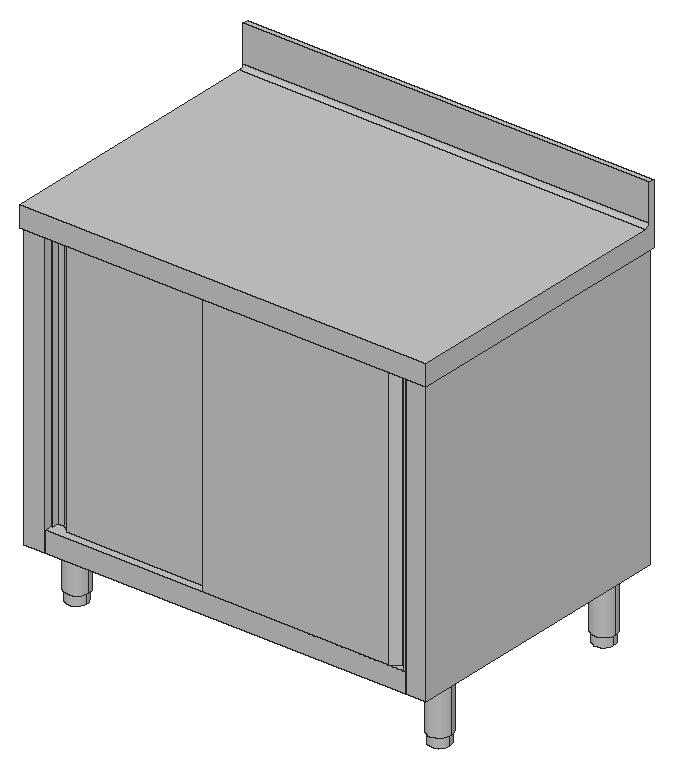
Revit family "QF_ZANUSSI_132862_MS1017N", category Attrezzature speciali, Revit 2020
Family settings
  Quota connettore circolare = Usa diametro
  Tipo di parte = Normale
  Basato su piano di lavoro = No
  Sempre verticale = Sì
  Taglio con vuoti quando caricato = No
  Condiviso = No
  Punto di calcolo locali = No
Parameters (values of type "Standard")
  Weight = 50.00 kg
  Watts = 0 W
  Volts = 0 V
  URL Manufacturer = "http://www.zanussiprofessional.com"
  URL = "http://www.zanussiprofessional.com"
  Steam Supply Size = 0 mm
  Steam Supply Minimum Pressure = 0.0 Pa
  Steam Supply Maximum Pressure = 0.0 Pa
  Steam Consumption per Hour = 0
  Refrigeration Suction Line Size = 0.0 mm
  Refrigeration Liquid Line Size = 0.0 mm
  Refrigerant Compressor Remote = yes
  Prospetto di default = 0.0 mm
  Produttore = "Zanussi"
  Phase = 0
  Modello = "MS1017N"
  Length Actual = 1000.0 mm  # constant formula
  Item Number = "132862"
  Hot Water Size = 0 mm
  Height Actual = 1000.0 mm  # constant formula
  HP = "0 HP"
  Gas Size = 0 mm
  Gas KW = 0
  Gas Input Pressure = 0 W
  Direct Waste Size = 0 mm
  Descrizione = "WORKTOP CUPBOARD WITH UPSTAND 1000MM"
  Depth Actual = 700.0 mm  # constant formula
  Cycle = 0 Hz
  Condensate Return Size = 0 mm
  Compressed Air Volume = 0.0 L/s
  Compressed Air Size = 0 mm
  Compressed Air Pressure = 0.0 Pa
  Cold Water Size = 0 mm
  Accessory = yes
Reference planes
  plane 1 "Center (Front/Back)": y = 0
  plane 2: z = 0
  plane 3 "Center (Left/Right)": x = 0
  plane 4 "LEFT": x = -500
  plane 5 "RIGHT": x = 500
  plane 6 "BACK": y = 350
  plane 7 "FRONT": y = -350
  plane 8 "Base": z = 850
  plane 9 "TOP": z = 900
  plane 10: x = -446.9
  plane 11: x = 446.9
  plane 12: y = 264.5
  plane 13: y = -241.9
  plane 14 "BodyLeft": x = -494.5
  plane 15 "BodyFront": y = -344.5
  plane 16 "BodyRight": x = 494.5
  plane 17 "BodyBack": y = 344.5
  plane 18 "FEET": z = 150
  plane 19: x = 55.5
  plane 20: x = -55.5
Forms (mm)
  Extrusion 1, solid, material "QF_Finishes_Stainless Steel"
    sketch origin (0, 0, 0) x (0, 1, 0) y (0, 0, 1)
      loop
        line (-350, 850) -> (350, 850) -> (350, 1000) -> (337, 1000) -> (337, 910)
        arc (337, 910) -> (334.071, 902.929) -> (327, 900) r 10
        line (327, 900) -> (-350, 900) -> (-350, 850)
    from 500 to -500
  Extrusion 2, solid, material "QF_Finishes_Stainless Steel"
    sketch origin (0, 0, 150) x (-1, 0, 0) y (0, -1, 0)
      loop
        line (494.5, -344.5) -> (494.5, 344.5) -> (444.5, 344.5) -> (444.5, -344.5) -> (494.5, -344.5)
      loop
        line (-444.5, -344.5) -> (-444.5, 344.5) -> (-494.5, 344.5) -> (-494.5, -344.5) -> (-444.5, -344.5)
    from 0 to 700
  Extrusion 3, solid, material "QF_Finishes_Stainless Steel"
    sketch origin (0, 0, 150) x (-1, 0, 0) y (0, -1, 0)
      loop
        line (443.585, -344.5) -> (443.585, 344.5) -> (-444.5, 344.5) -> (-444.5, -344.5) -> (443.585, -344.5)
    from 0 to 50
  Extrusion 4, solid, material "QF_Finishes_Stainless Steel"
    sketch origin (0, 0, 150) x (-1, 0, 0) y (0, -1, 0)
      loop
        line (443.585, -344.5) -> (443.585, -294.5) -> (-444.5, -294.5) -> (-444.5, -344.5) -> (443.585, -344.5)
    from 50 to 700
  Extrusion 5, solid, material "QF_Finishes_Stainless Steel"
    sketch origin (0, 0, 150) x (-1, 0, 0) y (0, -1, 0)
      loop
        line (-444.5, 344.5) -> (-444.5, 324.5) -> (55.5, 324.5) -> (55.5, 344.5) -> (-404.5, 344.5) -> (-424.5, 329.5) -> (-439.5, 329.5) -> (-439.5, 344.5) -> (-444.5, 344.5)
    from 50 to 700
  Extrusion 6, solid, material "QF_Finishes_Stainless Steel"
    sketch origin (0, 20, 150) x (1, 0, 0) y (0, 1, 0)
      loop
        line (-444.5, -344.5) -> (-439.5, -344.5) -> (-439.5, -329.5) -> (-424.5, -329.5) -> (-404.5, -344.5) -> (55.5, -344.5) -> (55.5, -324.5) -> (-444.5, -324.5) -> (-444.5, -344.5)
    from 50 to 700
Lines and regions (mm)
  symbolic lines
    curve 1: line (500, 350, 900) -> (-500, 350, 900)
    curve 2: line (-500, 350, 900) -> (-500, -350, 900)
    curve 3: line (-500, -350, 900) -> (500, -350, 900)
    curve 4: line (500, -350, 900) -> (500, 350, 900)
    curve 5: line (-500, 337, 900) -> (500, 337, 900)
  symbolic lines, style "SpecialityEquipmentHiddenLines"
    curve 6: line (-494.5, -344.5, 150) -> (-494.5, 344.5, 150)
    curve 7: line (-494.5, 344.5, 150) -> (494.5, 344.5, 150)
    curve 8: line (494.5, 344.5, 150) -> (494.5, -344.5, 150)
    curve 9: line (494.5, -344.5, 150) -> (-494.5, -344.5, 150)
    curve 10: line (-444.5, -304.5, 150) -> (55.5, -304.5, 150)
    curve 11: line (55.5, -304.5, 150) -> (55.5, -324.5, 150)
    curve 12: line (444.5, -324.5, 150) -> (-444.5, -324.5, 150)
    curve 13: line (-444.5, -324.5, 150) -> (-444.5, -304.5, 150)
    curve 14: line (-55.5, -344.5, 150) -> (-55.5, -324.5, 150)
Dimensions and locks
  plane 4 "LEFT" to plane 5 "RIGHT" = 1000.0 mm
  equal spacing: plane 4 "LEFT", plane 3 "Center (Left/Right)", plane 5 "RIGHT"
  locked: plane 8 "Base" to level at 850
  locked: Extrusion 1 to level at 1000
  plane 9 "TOP" to level = 900.0 mm
  plane 6 "BACK" to plane 7 "FRONT" = 700.0 mm
  equal spacing: plane 6 "BACK", plane 1 "Center (Front/Back)", plane 7 "FRONT"
  locked: plane 4 "LEFT" to plane 14 "BodyLeft" at 5.5
  locked: plane 16 "BodyRight" to plane 5 "RIGHT" at 5.5
  locked: plane 15 "BodyFront" to plane 7 "FRONT" at 5.5
  locked: plane 6 "BACK" to plane 17 "BodyBack" at 5.5
  locked: plane 14 "BodyLeft" to plane 10 at 47.6
  locked: plane 11 to plane 16 "BodyRight" at 47.6
  locked: plane 13 to plane 15 "BodyFront" at 102.6
  locked: plane 17 "BodyBack" to plane 12 at 80
  plane 10 to plane 11 = 893.8 mm
  plane 12 to plane 13 = 506.4 mm
  locked: plane 14 "BodyLeft" to Extrusion 2 sketch curve at 50
  locked: Extrusion 2 sketch curve to Extrusion 2 sketch curve at 50
  Extrusion 3 to Extrusion 4 sketch curve = 50.0 mm
  Extrusion 2 to plane 19 = 500.0 mm
  plane 20 to Extrusion 2 = 500.0 mm
  locked: plane 18 "FEET" to level at 150
  aligned and locked: level to plane 2
  aligned and locked: plane 10 to nested 1
  aligned and locked: nested 1 to plane 13
  aligned and locked: plane 11 to nested 2
  aligned and locked: nested 2 to plane 13
  aligned and locked: plane 11 to nested 4
  aligned and locked: nested 4 to plane 12
  aligned and locked: plane 10 to nested 3
  aligned and locked: nested 3 to plane 12
  aligned and locked: Extrusion 1 to plane 4 "LEFT"
  aligned and locked: plane 5 "RIGHT" to Extrusion 1
  aligned and locked: curve 2 to plane 4 "LEFT"
  aligned and locked: plane 17 "BodyBack" to Extrusion 2 sketch curve
  aligned and locked: Extrusion 2 sketch curve to plane 15 "BodyFront"
  aligned and locked: Extrusion 2 sketch curve to plane 14 "BodyLeft"
  aligned and locked: plane 16 "BodyRight" to Extrusion 2 sketch curve
  aligned and locked: Extrusion 2 sketch curve to plane 17 "BodyBack"
  aligned and locked: plane 15 "BodyFront" to Extrusion 2 sketch curve
  aligned and locked: Extrusion 3 sketch curve to plane 17 "BodyBack"
  aligned and locked: plane 15 "BodyFront" to Extrusion 3 sketch curve
  aligned and locked: plane 8 "Base" to Extrusion 2
  aligned and locked: plane 8 "Base" to Extrusion 5
  aligned and locked: Extrusion 5 to Extrusion 3
  aligned and locked: Extrusion 6 sketch curve to plane 19
  aligned and locked: Extrusion 5 sketch curve to plane 20
  aligned and locked: curve 7 to plane 17 "BodyBack"
  aligned and locked: Extrusion 2 to plane 14 "BodyLeft"
  aligned and locked: plane 16 "BodyRight" to curve 8
  aligned and locked: plane 15 "BodyFront" to curve 9
Automatic sketch dimensions
  curve 3 to plane 7 "FRONT" = 0.0 mm
  curve 5 to plane 5 "RIGHT" = 0.0 mm
  curve 4 to plane 6 "BACK" = 0.0 mm
  curve 5 to plane 17 "BodyBack" = 7.5 mm
  Extrusion 1 sketch curve to plane 7 "FRONT" = 0.0 mm
  Extrusion 1 sketch curve to plane 9 "TOP" = 0.0 mm
  Extrusion 1 sketch curve to plane 6 "BACK" = 0.0 mm
  Extrusion 1 sketch curve to plane 8 "Base" = 0.0 mm
  Extrusion 1 sketch curve to plane 17 "BodyBack" = 17.5 mm
  Extrusion 1 sketch curve to plane 17 "BodyBack" = 7.5 mm
  Extrusion 1 sketch curve to Extrusion 1 sketch curve = 90.0 mm
  Extrusion 5 sketch curve to plane 15 "BodyFront" = 0.0 mm  (x2)
  Extrusion 5 sketch curve to plane 11 = 2.4 mm
  Extrusion 5 sketch curve to Extrusion 5 sketch curve = 5.0 mm
  Extrusion 5 sketch curve to Extrusion 5 sketch curve = 15.0 mm
  Extrusion 5 sketch curve to Extrusion 5 sketch curve = 20.0 mm
  plane 15 "BodyFront" to Extrusion 5 sketch curve = 15.0 mm
  plane 15 "BodyFront" to Extrusion 5 sketch curve = 20.0 mm
  Extrusion 6 sketch curve to plane 15 "BodyFront" = 20.0 mm  (x2)
  Extrusion 6 sketch curve to plane 10 = 2.4 mm
  Extrusion 6 sketch curve to Extrusion 6 sketch curve = 5.0 mm
  Extrusion 6 sketch curve to Extrusion 6 sketch curve = 15.0 mm
  Extrusion 6 sketch curve to Extrusion 6 sketch curve = 20.0 mm  (x2)
  Extrusion 6 sketch curve to plane 15 "BodyFront" = 35.0 mm
  Extrusion 3 sketch curve to plane 11 = 2.4 mm
  plane 10 to Extrusion 3 sketch curve = 3.315 mm
  Extrusion 4 sketch curve to plane 11 = 2.4 mm
  plane 10 to Extrusion 4 sketch curve = 3.315 mm
  curve 10 to plane 19 = 0.0 mm
  curve 14 to plane 20 = 0.0 mm
  curve 7 to plane 14 "BodyLeft" = 0.0 mm
  plane 10 to curve 13 = 2.4 mm
  curve 10 to curve 13 = 20.0 mm
  curve 12 to plane 11 = 2.4 mm
  plane 15 "BodyFront" to curve 14 = 20.0 mm
Nested families
  nested 1: "FEET_D58-150" at (-446.9, -241.9, 0), type "FEET_D58-150"
  nested 2: "FEET_D58-150" at (446.9, -241.9, 0), type "FEET_D58-150"
  nested 3: "FEET_D58-150" at (-446.9, 264.5, 0), type "FEET_D58-150"
  nested 4: "FEET_D58-150" at (446.9, 264.5, 0), type "FEET_D58-150"
Definition of nested family "FEET_D58-150"
  Parameters
    Default Elevation = 0.0 mm
    FEET = 150.0 mm
  Reference planes
    plane 1 "Center (Front/Back)": y = 0
    plane 2: z = 0
    plane 3 "Center (Left/Right)": x = 0
    plane 4: z = 150
  Forms (mm)
    Extrusion 1, solid
      sketch origin (0, 0, 0) x (1, 0, 0) y (0, 1, 0)
        loop
          circle (0, 0) r 25
      from 0 to 25
    Extrusion 2, solid
      sketch origin (0, 0, 0) x (1, 0, 0) y (0, 1, 0)
        loop
          circle (0.061, 0) r 29
      from 25 to 150 <- "FEET"
  Lines and regions (mm)
    symbolic lines
      curve 1: line (0, -1.503, 0) -> (0, 1.508, 0)
      curve 2: line (1.561, 0, 0) -> (-1.439, 0, 0)
  Dimensions and locks
    "FEET": plane 4 to plane 2
    aligned and locked: level to plane 2
  Automatic sketch dimensions
    plane 1 "Center (Front/Back)" to Extrusion 1 sketch curve = 0.0 mm
    Extrusion 1 sketch curve to plane 3 "Center (Left/Right)" = 0.0 mm
    plane 1 "Center (Front/Back)" to curve 2 = 0.0 mm
    curve 1 to plane 3 "Center (Left/Right)" = 0.0 mm
    curve 2 to plane 3 "Center (Left/Right)" = 1.439 mm
    plane 3 "Center (Left/Right)" to curve 2 = 1.561 mm
    plane 1 "Center (Front/Back)" to curve 1 = 1.503 mm
    curve 1 to plane 1 "Center (Front/Back)" = 1.508 mm
    plane 1 "Center (Front/Back)" to Extrusion 2 sketch curve = 0.0 mm
    plane 3 "Center (Left/Right)" to Extrusion 2 sketch curve = 0.061 mm
    radius of Extrusion 1 sketch curve = 25.0 mm
    radius of Extrusion 2 sketch curve = 29.0 mm
